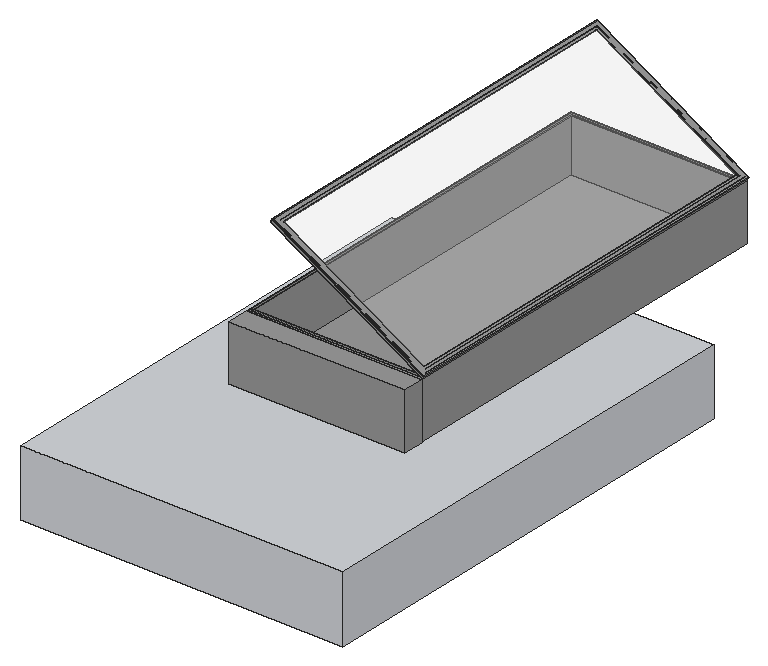
Revit family "Hager-Univers-IP55-D275-H1950-Cl.I-Steel_encl-CH-it", category Equipement électrique, Revit 2020
Family settings
  Hôte = Face
  Configuration du panneau = Deux colonnes, circuits au sein
  Cote de connecteur circulaire = Utiliser le diamètre
  Type d'élément = Tableau de raccordement
  Couper avec des vides une fois chargée = Non
  Partagée = Non
  Point de calcul de pièce = Non
Parameters (values of type "montaggio a pavimento IP55 L800 A1950 P275  - FR23K1")
  Width Control [instance] = if([EF000008 - Larghezza] > Min Width, [EF000008 - Larghezza], Min Width)  # 800 mm
  Commentaires du type = [HG000003 - Gamma]  # "Univers"
  Thickness Door [instance] = if([EF009171 - spessore materiale porta/coperchio] > 3 mm, 3 mm, [EF009171 - spessore materiale porta/coperchio])  # 1.5 mm
  Seal Frame Offset [instance] = 17 mm  # constant formula
  Plinth Visibility [instance] = [HG000027 - Altezza dello zoccolo] > 0 mm  # yes
  Model = ""
  Min Width [instance] = 100 mm  # constant formula
  Min Height [instance] = 100 mm  # constant formula
  Min Depth [instance] = (2 * [EF009170 - spessore materiale scatola]) + 1 mm  # 4 mm
  Internal Frame Depth [instance] = (Door System Depth * 0.5)  # 9 mm
  Height Control [instance] = if([EF000040 - Altezza] > Min Height, [EF000040 - Altezza], Min Height)  # 1950 mm
  HG000027 - Altezza dello zoccolo = 100 mm
  HG000026 - A pavimento = yes
  HG000024 - Altezza della sezione inferiore = 800 mm
  HG000023 - Custodia a doppia sezione = no
  HG000016 - Visibilità delle porte nella vista 3D [instance] = yes
  HG000015 - Visibilità attraverso la porta [instance] = no
  HG000014 - Porta destra [instance] = yes
  HG000013 - Porta sinistra [instance] = not([HG000014 - Porta destra])  # no
  HG000012 - Angolo di apertura della porta [instance] = 30.00°
  HG000010 - Porte asimmetriche = no
  HG000009 - Porta doppia a battente = no
  HG000006 - Ad incasso = no
  HG000004 - Codice produttore = "FR23K1"
  HG000003 - Gamma = "Univers"
  HG000002 - Con porta = yes
  Frame Offset Bottom [instance] = 10 mm  # constant formula
  Frame Offset [instance] = 15 mm  # constant formula
  EF015940 - Coprire con rilascio di sovrapressione = no
  EF011959 - tipo di protezione (NEMA) = ""
  EF009554 - numero delle aperture per la piastra della flangia = 6
  Fabricant = "Hager"  # constant formula
  EF009212 - esecuzione coperchio = "EV000116 - chiuso"
  EF009171 - spessore materiale porta/coperchio = 1.5 mm
  EF009170 - spessore materiale scatola = 1.5 mm
  EF008873 - corrente nominale (In) = 800 A
  EF007800 - adatto per parafulmine = no
  EF006306 - con serratura = no
  EF006244 - coperchio/porta trasparente = yes
  EF005474 - grado di protezione (IP) = "EV006420 - IP55"
  EF004464 - tipo di porta = "EV002646 - singolo"
  EF004427 - numero di moduli = 432
  EF004293 - resistenza agli urti = "EV008784 - IK10"
  EF003532 - adatto per uso esterno = no
  EF002950 - Numero moduli DIN = 24
  EF001613 - Integrità del circuito = "EV000494 - senza"
  EF001596 - Attacco Lampada = "EV000179 - acciaio"
  EF001131 - profondità interna = 275 mm
  EF001088 - possibilità di applicazione = yes
  EF000437 - numero di ingressi per conduttori = 6
  EF000339 - tipo di copertura = "EV004216 - porta"
  EF000266 - numero di file = 12
  EF000218 - profondità di incasso = 0 mm
  EF000118 - con piastra di montaggio = no
  EF000116 - numero RAL = "7035"
  EF000049 - profondità = 275 mm
  EF000040 - Altezza = 1950 mm
  EF000008 - Larghezza = 800 mm
  EF000007 - colore = "EV000270 - grigio"
  EF000003 - Tipo di montaggio = "EV012274 - montaggio a pavimento"
  Door System Leaf Tolerance [instance] = 1.5 mm  # constant formula
  Door System Depth [instance] = 18 mm  # constant formula
  Door Height [instance] = Height Control - [HG000027 - Altezza dello zoccolo]  # 1850 mm
  Depth Control [instance] = if([EF000049 - profondità] > Min Depth, [EF000049 - profondità], Min Depth)  # 275 mm
  Default Elevation = 0 mm
  Connector Offset [instance] = Height Control / 2  # 975 mm
  Bottom Top Plate Trim [instance] = 1.5 mm  # constant formula
  Plinth height Ctrl [instance] = if([HG000027 - Altezza dello zoccolo] > 0 mm, [HG000027 - Altezza dello zoccolo], 12 mm)  # 100 mm
Types (11, lengths in mm): name | Width Control | HG000010 - Porte asimmetriche | HG000009 - Porta doppia a battente | HG000004 - Codice produttore | EF009554 - numero delle aperture per la piastra della flangia | EF006244 - coperchio/porta trasparente | EF004464 - tipo di porta | EF004427 - numero di moduli | EF000437 - numero di ingressi per conduttori | EF000008 - Larghezza
  montaggio a pavimento IP55 L1050 A1950 P275  - FR24E1 | 1050 | yes | yes | "FR24E1" | 8 | no | "EV003602 - doppio" | 576 | 8 | 1050
  montaggio a pavimento IP55 L1050 A1950 P275  - FR24K1 | 1050 | yes | yes | "FR24K1" | 8 | yes | "EV003602 - doppio" | 576 | 8 | 1050
  montaggio a pavimento IP55 L1300 A1950 P275  - FR25E1 | 1300 | yes | yes | "FR25E1" | 10 | no | "EV003602 - doppio" | 720 | 10 | 1300
  montaggio a pavimento IP55 L1300 A1950 P275  - FR25K1 | 1300 | yes | yes | "FR25K1" | 10 | yes | "EV003602 - doppio" | 720 | 10 | 1300
  montaggio a pavimento IP55 L1550 A1950 P275  - FR26E1 | 1550 | yes | yes | "FR26E1" | 12 | no | "EV003602 - doppio" | 864 | 12 | 1550
  montaggio a pavimento IP55 L1550 A1950 P275  - FR26K1 | 1550 | yes | yes | "FR26K1" | 12 | yes | "EV003602 - doppio" | 864 | 12 | 1550
  montaggio a pavimento IP55 L300 A1950 P275  - FR21E1 | 300 | no | no | "FR21E1" | 2 | no | "EV002646 - singolo" | 144 | 2 | 300
  montaggio a pavimento IP55 L550 A1950 P275  - FR22E1 | 550 | no | no | "FR22E1" | 4 | no | "EV002646 - singolo" | 288 | 4 | 550
  montaggio a pavimento IP55 L550 A1950 P275  - FR22K1 | 550 | no | no | "FR22K1" | 4 | yes | "EV002646 - singolo" | 288 | 4 | 550
  montaggio a pavimento IP55 L800 A1950 P275  - FR23E1 | 800 | no | no | "FR23E1" | 6 | no | "EV002646 - singolo" | 432 | 6 | 800
  montaggio a pavimento IP55 L800 A1950 P275  - FR23K1 | 800 | no | no | "FR23K1" | 6 | yes | "EV002646 - singolo" | 432 | 6 | 800
Reference planes
  plane 1 "Center (Front/Back)": y = 0
  plane 2: z = 0
  plane 3 "Center (Left/Right)": x = 0
  plane 4: z = 275
  plane 5: y = 101.5
  plane 6: y = 1025
  plane 7: y = 100
  plane 8: y = 1950
  plane 9: z = 0
  plane 10: x = -385
  plane 11: x = 385
  plane 12: x = 383.5
  plane 13: x = -383.5
  plane 14: y = 1948.5
  plane 15: x = -383
  plane 16: x = -400
  plane 17: x = 383
  plane 18: x = 400
  plane 19: x = 398.5
  plane 20: x = -398.5
  plane 21: y = 111.5
  plane 22: y = 1950
  plane 23: y = 1933.5
  plane 24: z = 257
  plane 25: z = 1.5
  plane 26: z = 255.5
  plane 27: z = 273.5
Forms (mm)
  Extrusion 1, solid
    sketch origin (0, 0, 0) x (1, 0, 0) y (0, 1, 0)
      loop
        line (-702.964, 1305) -> (-702.964, -811.445) -> (766.763, -811.445) -> (766.763, 1305) -> (-702.964, 1305)
    from 0 to -304.8
  Extrusion 2, solid, material "Hager_Steel_RAL7035_Light_Grey", visible <- "Plinth Visibility", detail levels medium+fine
    sketch origin (0, 0, 0) x (1, 0, 0) y (0, 1, 0)
      loop
        line (-400, 0) -> (400, 0) -> (400, 100) -> (-400, 100) -> (-400, 0)
    from 0 to 257
  Extrusion 3, solid, material "Hager_Steel_RAL7035_Light_Grey", detail levels medium+fine
    sketch origin (0, 0, 0) x (1, 0, 0) y (0, 1, 0)
      loop
        line (-400, 100) -> (400, 100) -> (400, 1950) -> (-400, 1950) -> (-400, 100)
    from 0 to 257
  Extrusion 4, void
    sketch origin (0, 0, 0) x (1, 0, 0) y (0, 1, 0)
      loop
        line (-398.5, 101.5) -> (398.5, 101.5) -> (398.5, 1948.5) -> (-398.5, 1948.5) -> (-398.5, 101.5)
    from 1.5 to 255.5
  Extrusion 5, void
    sketch origin (-381.607, -4572, 257) x (0, -1, 0) y (-1, 0, 0)
      loop
        line (-4683.5, 1.893) -> (-6505.5, 1.893) -> (-6505.5, -765.107) -> (-4683.5, -765.107) -> (-4683.5, 1.893)
    from 0 to 1.5 <- "EF009170 - spessore materiale scatola"
  Extrusion 6, solid, material "Hager_Steel_RAL7035_Light_Grey", detail levels fine
    sketch origin (0, 0, 257) x (1, 0, 0) y (0, 1, 0)
      loop
        line (-383.5, 1933.5) -> (-383.5, 111.5) -> (383.5, 111.5) -> (383.5, 1933.5) -> (-383.5, 1933.5)
      loop
        line (-385, 110) -> (385, 110) -> (385, 1935) -> (-385, 1935) -> (-385, 110)
    from 0 to 9 <- "Internal Frame Depth"
  Extrusion 7, solid, material "Hager_Steel_RAL7035_Light_Grey", detail levels coarse
    sketch origin (0, 0, 0) x (1, 0, 0) y (0, 1, 0)
      loop
        line (-400, 0) -> (400, 0) -> (400, 1950) -> (-400, 1950) -> (-400, 0)
    from 0 to 275
  Sweep 8, void
    path in 3D
      loop
        line (-400, 100, 0) -> (400, 100, 0) -> (400, 100, 257) -> (-400, 100, 257) -> (-400, 100, 0)
    profile origin (-400, 100, 128.5) x (-1, 0, 0) y (0, -1, 0)
      loop
        line (0, 0) -> (0, 1.5) -> (-1.5, 1.5)
        arc (-1.5, 1.5) -> (-1.061, 0.439) -> (0, 0) r 1.5
Cuts and joins
  Extrusion 4, Extrusion 5 cuts Extrusion 3
  Sweep 8 cuts Extrusion 2
Lines and regions (mm)
  Masking region 1
    outline origin (0, 0, 0) x (1, 0, 0) y (0, 0, 1)
      loop
        line (-400, 275) -> (-400, 0) -> (400, 0) -> (400, 275) -> (-400, 275)
  Masking region 2, detail levels medium+fine
    outline origin (0, 140, 0) x (0, 1, 0) y (0, 0, 1)
      loop
        line (-40, 0) -> (1810, 0) -> (1810, 257) -> (-40, 257) -> (-40, 0)
  Masking region 3, not visible, detail levels medium+fine
    outline origin (0, 297.922, 0) x (0, 1, 0) y (0, 0, 1)
      loop
        line (738.578, 0) -> (778.578, 0) -> (778.578, 263.5)
        arc (778.578, 263.5) -> (775.649, 270.571) -> (768.578, 273.5) r 10
        line (768.578, 273.5) -> (738.578, 273.5) -> (738.578, 0)
  Masking region 4, detail levels coarse
    outline origin (0, 0, 180) x (0, 1, 0) y (0, 0, 1)
      loop
        line (0, -180) -> (1950, -180) -> (1950, 95) -> (0, 95) -> (0, -180)
  Masking region 5, visible <- "Plinth Visibility", detail levels medium+fine
    outline origin (0, 52.24, 12.345) x (0, 0, -1) y (0, 1, 0)
      loop
        line (10.845, 47.76) -> (-243.155, 47.76)
        arc (-243.155, 47.76) -> (-243.594, 46.699) -> (-244.655, 46.26) r 1.5
        line (-244.655, 46.26) -> (-244.655, -52.24) -> (12.345, -52.24) -> (12.345, 46.26)
        arc (12.345, 46.26) -> (11.285, 46.699) -> (10.845, 47.76) r 1.5
  Masking region 6, detail levels medium+fine
    outline origin (-381.607, -4572, 257) x (-1, 0, 0) y (0, -1, 0)
      loop
        line (18.393, -6522) -> (18.393, -4672) -> (-781.607, -4672) -> (-781.607, -6522) -> (18.393, -6522)
  Masking region 7, visible <- "Plinth Visibility", detail levels medium+fine
    outline origin (-381.607, -4727, 257) x (-1, 0, 0) y (0, -1, 0)
      loop
        arc (16.893, -4827) -> (17.332, -4825.939) -> (18.393, -4825.5) r 1.5
        line (18.393, -4825.5) -> (18.393, -4727) -> (-781.607, -4727) -> (-781.607, -4825.5)
        arc (-781.607, -4825.5) -> (-780.546, -4825.939) -> (-780.107, -4827) r 1.5
        line (-780.107, -4827) -> (16.893, -4827)
  Masking region 8, detail levels coarse
    outline origin (-442.548, -4669.526, 257) x (-1, 0, 0) y (0, -1, 0)
      loop
        line (-42.548, -6619.526) -> (-42.548, -4669.526) -> (-842.548, -4669.526) -> (-842.548, -6619.526) -> (-42.548, -6619.526)
  sketch lines
    curve 1: line (-400, 100, 257) -> (-400, 100, 0)
    curve 2: line (400, 100, 257) -> (-400, 100, 257)
    curve 3: line (400, 100, 257) -> (400, 100, 0)
    curve 4: line (-400, 100, 0) -> (400, 100, 0)
Dimensions and locks
  "Depth Control": plane 4 to Extrusion 1
  "HG000027 - Altezza dello zoccolo": plane 1 "Center (Front/Back)" to plane 7
  "EF009170 - spessore materiale scatola": plane 5 to plane 7
  locked: connector elem to plane 3 "Center (Left/Right)"
  equal spacing: plane 8, plane 6, plane 7
  locked: connector elem to plane 6
  "EF009170 - spessore materiale scatola": plane 8 to plane 14
  "EF009170 - spessore materiale scatola": plane 10 to plane 13
  "EF009170 - spessore materiale scatola": plane 12 to plane 11
  "Frame Offset": plane 20 to plane 13
  "Frame Offset": plane 12 to plane 19
  "EF009170 - spessore materiale scatola": plane 16 to plane 20
  "EF009170 - spessore materiale scatola": plane 19 to plane 18
  "Seal Frame Offset": plane 16 to plane 15
  "Seal Frame Offset": plane 17 to plane 18
  "Frame Offset Bottom": plane 21 to plane 5
  "Frame Offset": plane 14 to plane 23
  equal spacing: plane 16, plane 3 "Center (Left/Right)", plane 18
  "Width Control": plane 16 to plane 18
  "EF009170 - spessore materiale scatola": plane 4 to plane 27
  "EF009170 - spessore materiale scatola": plane 24 to plane 26
  "EF009170 - spessore materiale scatola": plane 25 to level
  "Door System Depth": plane 4 to plane 24
  "Height Control": plane 1 "Center (Front/Back)" to Extrusion 7 sketch curve
  "Height Control": Masking region 4 sketch curve to plane 1 "Center (Front/Back)"
  "Height Control": plane 1 "Center (Front/Back)" to plane 22
  "Bottom Top Plate Trim": profile plane to Sweep 8 sketch curve
  "Bottom Top Plate Trim": Sweep 8 sketch curve to profile plane
  "Plinth height Ctrl": plane 1 "Center (Front/Back)" to Extrusion 2 sketch curve
  "Plinth height Ctrl": Masking region 5 sketch curve to plane 1 "Center (Front/Back)"
  "Plinth height Ctrl": plane 1 "Center (Front/Back)" to Masking region 7 sketch curve
  "Thickness Door": Extrusion 6 sketch curve to Extrusion 6 sketch curve  (x3)
  "Thickness Door": cut or joined group of Extrusion 3, Extrusion 4, Extrusion 5 to Extrusion 6 sketch curve
  radius of Masking region 3 sketch curve = 10 mm
  "Bottom Top Plate Trim": radius of Masking region 5 sketch curve  (x2)
  "Bottom Top Plate Trim": radius of Sweep 8 sketch curve
  "Bottom Top Plate Trim": radius of Masking region 7 sketch curve  (x2)
  aligned and locked: plane 2 to Extrusion 1
  aligned and locked: level to Extrusion 1
  aligned and locked: level to Masking region 1 sketch curve
  aligned and locked: Masking region 1 sketch curve to plane 18
  aligned and locked: Masking region 1 sketch curve to plane 16
  aligned and locked: plane 7 to Masking region 2 sketch curve
  aligned and locked: level to Masking region 3 sketch curve
  aligned and locked: Masking region 3 sketch curve to plane 27
  aligned and locked: level to Masking region 2 sketch curve
  aligned and locked: plane 1 "Center (Front/Back)" to Extrusion 2 sketch curve
  aligned and locked: Extrusion 3 sketch curve to plane 7
  aligned and locked: plane 16 to Extrusion 3 sketch curve
  aligned and locked: plane 18 to Extrusion 3 sketch curve
  aligned and locked: plane 20 to Extrusion 4 sketch curve
  aligned and locked: plane 19 to Extrusion 4 sketch curve
  aligned and locked: Extrusion 4 sketch curve to plane 5
  aligned and locked: Extrusion 4 to plane 25
  aligned and locked: plane 26 to Extrusion 4
  aligned and locked: plane 24 to Extrusion 3
  aligned and locked: Extrusion 5 sketch curve to plane 21
  aligned and locked: Extrusion 5 sketch curve to plane 13
  aligned and locked: Extrusion 5 sketch curve to plane 12
  aligned and locked: plane 18 to Extrusion 7 sketch curve
  aligned and locked: plane 1 "Center (Front/Back)" to Extrusion 7 sketch curve
  aligned and locked: plane 16 to Extrusion 7 sketch curve
  aligned and locked: plane 4 to Extrusion 7
  aligned and locked: Extrusion 7 to level
  aligned and locked: level to Masking region 4 sketch curve
  aligned and locked: Masking region 4 sketch curve to plane 1 "Center (Front/Back)"
  aligned and locked: Masking region 4 sketch curve to plane 4
  aligned and locked: nested 1 to level
  aligned and locked: nested 1 to plane 16
  aligned and locked: plane 8 to Extrusion 3 sketch curve
  aligned and locked: plane 23 to Extrusion 5 sketch curve
  aligned and locked: plane 14 to Extrusion 4 sketch curve
  aligned and locked: Masking region 2 sketch curve to plane 8
  aligned and locked: level to Masking region 5 sketch curve
  aligned and locked: plane 16 to Extrusion 2 sketch curve
  aligned and locked: plane 18 to Extrusion 2 sketch curve
  aligned and locked: Masking region 5 sketch curve to plane 24
  aligned and locked: Masking region 2 sketch curve to plane 24
  aligned and locked: plane 24 to Extrusion 2
  aligned and locked: profile plane to Sweep 8 sketch curve  (x2)
  aligned and locked: Masking region 6 sketch curve to plane 18
  aligned and locked: Masking region 6 sketch curve to plane 22
  aligned and locked: Masking region 6 sketch curve to plane 16
  aligned and locked: plane 8 to plane 22
  aligned and locked: Masking region 6 sketch curve to plane 7
  aligned and locked: Masking region 7 sketch curve to plane 16
  aligned and locked: Masking region 7 sketch curve to plane 1 "Center (Front/Back)"
  aligned and locked: Masking region 7 sketch curve to plane 18
  aligned and locked: Masking region 8 sketch curve to plane 1 "Center (Front/Back)"
  aligned and locked: Masking region 8 sketch curve to plane 18
  aligned and locked: Masking region 8 sketch curve to plane 22
  aligned and locked: Masking region 8 sketch curve to plane 16
  aligned and locked: nested 2 to plane 7
  aligned and locked: plane 3 "Center (Left/Right)" to nested 2
  aligned and locked: nested 2 to plane 24
  aligned and locked: Extrusion 6 sketch curve to cut or joined group of Extrusion 3, Extrusion 4, Extrusion 5  (x4)
Automatic sketch dimensions
  Extrusion 1 sketch curve to Extrusion 1 sketch curve = 1469.727 mm
  Extrusion 1 sketch curve to Extrusion 1 sketch curve = 2116.445 mm
  Masking region 1 sketch curve to plane 4 = 0 mm
  plane 6 to Masking region 3 sketch curve = 11.5 mm
  Masking region 3 sketch curve to Masking region 3 sketch curve = 30 mm
  Masking region 5 sketch curve to plane 1 "Center (Front/Back)" = 0 mm
Nested families
  nested 1: "Hager_Enclosure_Symbol" at (-400, 0, 0) x (1, 0, 0) z (0, -1, 0), Height <- "Depth Control", Width <- "Width Control", type "Hager_Enclosure_Symbol"
    with Width_Ctrl 800 mm, Width 800 mm, Height_Ctrl 275 mm, Height 275 mm, A_Width_Int 18.047 mm, A_Width 216.562 mm, A_Height_Ctrl 240.625 mm, A_Height 240.625 mm
  nested 2: "EC000058_Univers_Door" at (0, 100, 257) x (1, 0, 0) z (0, 1, 0), Leaf_Tolerance <- "Door System Leaf Tolerance", Angle <- "HG000012 - Angolo di apertura della porta", Door_Depth <- "Door System Depth", Door_Left <- "HG000013 - Porta sinistra", Transparent <- "EF006244 - coperchio/porta trasparente", Assymetrical <- "HG000010 - Porte asimmetriche", Width <- "Width Control", Clearance <- "HG000015 - Visibilità attraverso la porta", Double <- "HG000009 - Porta doppia a battente", 3d_Door <- "HG000016 - Visibilità delle porte nella vista 3D", Lock_Visibility <- "EF006306 - con serratura", Width_Ctrl <- "Width Control", Door_Right <- "HG000014 - Porta destra", Door <- "HG000002 - Con porta", Height <- "Door Height", Thickness <- "Thickness Door", type "EC000058_Univers_Door", detail levels medium+fine
    with min_wh 4 mm, Width_Ctrl 800 mm, Width 800 mm, Transparent yes, Thickness 1.5 mm, Seal_Material Hager_Rubber, Lock_Visibility no, Lock_Material Hager_Plastic_RAL9005_Jet_Black, Leaf_Width 800 mm, Leaf_Tolerance_External_Sides 0 mm, Leaf_Tolerance 1.5 mm, Leaf_Offset 0 mm, Leaf_Height 1847 mm, Leaf_2_Width 800 mm, Leaf_2_Offset 400 mm, Leaf_1_Width 800 mm, Leaf_1_Offset 400 mm, Height_Ctrl 1850 mm, Height 1850 mm, Glass_Material Hager_Glass, Double_Clearance_Ctrl no, Double no, Door_Right_Ctrl yes, Door_Right yes, Door_Material Hager_Steel_RAL7035_Light_Grey, Door_Left_Ctrl no, Door_Left no, Door_Depth 18 mm, Door yes, Clearance_Material Hager_Clearance, Clearance_Depth 800 mm, Clearance_Ctrl no, Clearance no, Assymetrical no, Angle 30.00°, 3d_Door yes
Connectors
  electrical at (0, 1025, 0)
    settings: on plane 9, index 1, voltage 0 V, apparent load 0 VA, apparent load phase1 0 VA, apparent load phase2 0 VA, apparent load phase3 0 VA, power factor 1, load classification "Other", number of poles 1, system type 30, power factor state 1, is connector primary yes, connector utility no, sub classification motor no, connector description ""
Definition of nested family "EC000058_Univers_Door"
  Parameters (values of type "EC000058_Univers_Door")
    min_wh [instance] = (2 * Thickness) + 1 mm  # 11 mm
    Width_Ctrl [instance] = 400 mm
    Width [instance] = 500 mm
    Transparent [instance] = yes
    Thickness [instance] = 5 mm
    Seal_Material [instance] = none
    Lock_Visibility [instance] = yes
    Lock_Material [instance] = none
    Leaf_Width [instance] = if((Width_Ctrl - 2 * Leaf_Tolerance_External_Sides) > 0 mm, (Width_Ctrl - 2 * Leaf_Tolerance_External_Sides), min_wh)  # 400 mm
    Leaf_Tolerance_External_Sides [instance] = 0 mm  # constant formula
    Leaf_Tolerance [instance] = 1.5 mm
    Leaf_Offset [instance] = 0 mm  # constant formula
    Leaf_Height [instance] = if((Height_Ctrl - 2 * Leaf_Tolerance) > 0 mm, (Height_Ctrl - 2 * Leaf_Tolerance), min_wh)  # 497 mm
    Leaf_2_Width [instance] = if(and(and(Double, Assymetrical), Door_Left), (Leaf_Width / 3) - (Leaf_Tolerance / 2), if(and(and(Double, Assymetrical), Door_Right), (Leaf_Width / 3) * 2 - (Leaf_Tolerance / 2), if(and(Double, not(Assymetrical)), (Leaf_Width / 2) - Leaf_Tolerance, Leaf_Width)))  # 400 mm
    Leaf_2_Offset [instance] = if(and(Double, Assymetrical), Leaf_2_Width / 2, if(and(Double, not(Assymetrical)), Leaf_Width / 4, Leaf_Width / 2))  # 200 mm
    Leaf_1_Width [instance] = if(and(and(Double, Assymetrical), Door_Right), (Leaf_Width / 3) - (Leaf_Tolerance / 2), if(and(and(Double, Assymetrical), Door_Left), (Width / 3) * 2 - (Leaf_Tolerance / 2), if(and(Double, not(Assymetrical)), (Leaf_Width / 2) - Leaf_Tolerance, Leaf_Width)))  # 400 mm
    Leaf_1_Offset [instance] = if(and(Double, Assymetrical), Leaf_1_Width / 2, if(and(Double, not(Assymetrical)), Leaf_Width / 4, Leaf_Width / 2))  # 200 mm
    Height_Ctrl [instance] = if(Height > min_wh, Height, min_wh)  # 500 mm
    Height [instance] = 500 mm
    Glass_Material [instance] = none
    Double_Clearance_Ctrl [instance] = and(Double, Clearance)  # no
    Double [instance] = no
    Door_Right_Ctrl [instance] = and(or(Door_Right, Double), Door)  # yes
    Door_Right [instance] = yes
    Door_Material [instance] = none
    Door_Left_Ctrl [instance] = and(or(Door_Left, Double), Door)  # no
    Door_Left [instance] = no
    Door_Depth [instance] = 30 mm
    Door [instance] = yes
    Default Elevation = 1219.2 mm
    Clearance_Material [instance] = none
    Clearance_Depth [instance] = if(Leaf_1_Width > Leaf_2_Width, Leaf_1_Width, Leaf_2_Width)  # 400 mm
    Clearance_Ctrl [instance] = and(not(Double), Clearance)  # yes
    Clearance [instance] = yes
    Assymetrical [instance] = yes
    Angle [instance] = 30.00°
    3d_Door [instance] = yes
  Reference planes
    plane 1 "Center (Front/Back)": y = 0
    plane 2 "Bottom": z = 0
    plane 3 "Center (Left/Right)": x = 0
    plane 4: z = 500
    plane 5: x = -200
    plane 6: x = 200
    plane 7: z = 500
    plane 8: x = -200
    plane 9: z = 0
    plane 10: x = 200
    plane 11: y = 0
    plane 12: z = 1.5
    plane 13: x = -600
    plane 14: y = -400
    plane 15: x = 600
    plane 16: x = 0
    plane 17: x = 0
    plane 18: x = -200
    plane 19: x = 200
    plane 20: z = 498.5
  Forms (mm)
    Extrusion 1, solid, material <- "Clearance_Material", visible <- "Double_Clearance_Ctrl"
      sketch origin (1200, 0, 0) x (1, 0, 0) y (0, 0, -1)
        loop
          line (-1800, -498.5) -> (-600, -498.5) -> (-600, 0) -> (-1800, 0) -> (-1800, -498.5)
      from 0 to -400
  Dimensions and locks
    equal spacing: plane 5, plane 3 "Center (Left/Right)", plane 6
    "Width_Ctrl": plane 5 to plane 6
    "Leaf_Offset": plane 5 to plane 8
    "Leaf_Offset": plane 6 to plane 10
    "Leaf_Offset": plane 9 to level
    "Leaf_Offset": plane 4 to plane 7
    "Height_Ctrl": plane 4 to level
    "Leaf_Tolerance": plane 12 to plane 9
    locked: plane 11 to plane 1 "Center (Front/Back)"
    "Leaf_1_Offset": plane 18 to plane 16
    "Leaf_2_Offset": plane 17 to plane 19
    "Leaf_1_Width": plane 13 to plane 8
    "Leaf_2_Width": plane 10 to plane 15
    "Clearance_Depth": plane 14 to plane 1 "Center (Front/Back)"
    "Leaf_Tolerance_External_Sides": plane 8 to plane 18
    "Leaf_Tolerance_External_Sides": plane 19 to plane 10
    "Leaf_Tolerance": plane 7 to plane 20
    aligned and locked: level to plane 2 "Bottom"
    aligned and locked: nested 1 to plane 16
    aligned and locked: nested 2 to plane 17
    aligned and locked: Extrusion 1 to plane 13
    aligned and locked: plane 15 to Extrusion 1
    aligned and locked: Extrusion 1 to plane 14
    aligned and locked: plane 12 to nested 1
    aligned and locked: nested 2 to plane 12
    aligned and locked: Extrusion 1 to plane 11
    aligned and locked: plane 20 to Extrusion 1
    aligned and locked: nested 2 to plane 11
    aligned and locked: nested 1 to plane 11
  Automatic sketch dimensions
    Extrusion 1 sketch curve to level = 0 mm
    plane 5 to Extrusion 1 sketch curve = 400 mm
    plane 6 to Extrusion 1 sketch curve = 400 mm
    Extrusion 1 sketch curve to plane 4 = 1.5 mm
  Nested families
    nested 1: "EC000058_Univers_Door_Leaf" at (0, 0, 1.5), Width <- "Leaf_1_Width", visible <- "Door_Left_Ctrl", Leaf_Height <- "Leaf_Height", Angle <- "Angle", 3d_Door <- "3d_Door", Transparent <- "Transparent", Clearance Material <- "Clearance_Material", Clearance <- "Clearance_Ctrl", Door_Material <- "Door_Material", Glass_Material <- "Glass_Material", Door_Depth <- "Door_Depth", Lock_Material <- "Lock_Material", Seal_Material <- "Seal_Material", Lock_Visibility <- "Lock_Visibility", Thickness <- "Thickness", type "EC000058_Univers_Door_Leaf"
      with Width 400 mm, Transparent_Glass_Offset 30 mm, Transparent_Ctrl yes, Transparent yes, Thickness 5 mm, Standard no, Seal_Material none, Seal_D2 8 mm, Seal_D1 1 mm, Offset_Internal_Frame 10 mm, Lock_Width 20 mm, Lock_Visibility_3d yes, Lock_Visibility yes, Lock_Thickness_3 3 mm, Lock_Thickness_2 1 mm, Lock_Thickness_1 3 mm, Lock_Radius_Offset_2 16 mm, Lock_Radius_Offset_1 15 mm, Lock_Radius_2 5 mm, Lock_Radius 6 mm, Lock_Offset 5 mm, Lock_Material none, Lock_Height 80 mm, Lock_Cover_Top_Offset_2d 17 mm, Lock_Cover_Height -65 mm, Leaf_Height 497 mm, Internal_Seal_Thickness 8 mm, Internal_Seal_Depth_2 4.5 mm, Internal_Frame_Depth 25 mm, Glass_Thickness -1 mm, Glass_Offset -2 mm, Glass_Material none, Door_Material none, Door_Depth 30 mm, Clearance Material none, Clearance yes, Angle_Ctrl 30.00°, Angle 30.00°, 3d_Door yes
    nested 2: "EC000058_Univers_Door_Leaf" at (0, 0, 1.5) x (-1, 0, 0) z (0, 0, 1), Width <- "Leaf_2_Width", visible <- "Door_Right_Ctrl", Leaf_Height <- "Leaf_Height", Angle <- "Angle", 3d_Door <- "3d_Door", Transparent <- "Transparent", Clearance Material <- "Clearance_Material", Clearance <- "Clearance_Ctrl", Door_Material <- "Door_Material", Glass_Material <- "Glass_Material", Door_Depth <- "Door_Depth", Lock_Material <- "Lock_Material", Seal_Material <- "Seal_Material", Lock_Visibility <- "Lock_Visibility", Thickness <- "Thickness", type "EC000058_Univers_Door_Leaf"
      with Width 400 mm, Transparent_Glass_Offset 30 mm, Transparent_Ctrl yes, Transparent yes, Thickness 5 mm, Standard no, Seal_Material none, Seal_D2 8 mm, Seal_D1 1 mm, Offset_Internal_Frame 10 mm, Lock_Width 20 mm, Lock_Visibility_3d yes, Lock_Visibility yes, Lock_Thickness_3 3 mm, Lock_Thickness_2 1 mm, Lock_Thickness_1 3 mm, Lock_Radius_Offset_2 16 mm, Lock_Radius_Offset_1 15 mm, Lock_Radius_2 5 mm, Lock_Radius 6 mm, Lock_Offset 5 mm, Lock_Material none, Lock_Height 80 mm, Lock_Cover_Top_Offset_2d 17 mm, Lock_Cover_Height -65 mm, Leaf_Height 497 mm, Internal_Seal_Thickness 8 mm, Internal_Seal_Depth_2 4.5 mm, Internal_Frame_Depth 25 mm, Glass_Thickness -1 mm, Glass_Offset -2 mm, Glass_Material none, Door_Material none, Door_Depth 30 mm, Clearance Material none, Clearance yes, Angle_Ctrl 30.00°, Angle 30.00°, 3d_Door yes
  Definition of nested family "EC000058_Univers_Door_Leaf"
    Parameters (values of type "EC000058_Univers_Door_Leaf")
      Width [instance] = 2000 mm
      Transparent_Glass_Offset [instance] = 30 mm
      Transparent_Ctrl [instance] = and(Transparent, [3d_Door])  # yes
      Transparent [instance] = yes
      Thickness [instance] = 5 mm
      Standard [instance] = and(not(Transparent), [3d_Door])  # no
      Seal_Material [instance] = none
      Seal_D2 [instance] = 8 mm  # constant formula
      Seal_D1 [instance] = 1 mm  # constant formula
      Offset_Internal_Frame [instance] = 10 mm  # constant formula
      Lock_Width [instance] = 20 mm  # constant formula
      Lock_Visibility_3d [instance] = and(Lock_Visibility, [3d_Door])  # yes
      Lock_Visibility [instance] = yes
      Lock_Thickness_3 [instance] = 3 mm  # constant formula
      Lock_Thickness_2 [instance] = 1 mm  # constant formula
      Lock_Thickness_1 [instance] = 3 mm  # constant formula
      Lock_Radius_Offset_2 [instance] = Lock_Radius_Offset_1 + 1 mm  # 16 mm
      Lock_Radius_Offset_1 [instance] = 15 mm  # constant formula
      Lock_Radius_2 [instance] = Lock_Radius - 1 mm  # 5 mm
      Lock_Radius [instance] = 6 mm  # constant formula
      Lock_Offset [instance] = 5 mm  # constant formula
      Lock_Material [instance] = none
      Lock_Height [instance] = 80 mm  # constant formula
      Lock_Cover_Top_Offset_2d [instance] = Lock_Radius_Offset_2 + 1 mm  # 17 mm
      Lock_Cover_Height [instance] = -(Lock_Height - Lock_Radius_Offset_1)  # -65 mm
      Leaf_Height [instance] = 2720.336 mm
      Internal_Seal_Thickness [instance] = 8 mm  # constant formula
      Internal_Seal_Depth_2 [instance] = 4.5 mm  # constant formula
      Internal_Frame_Depth [instance] = if(Door_Depth - Thickness > 5 mm, Door_Depth - Thickness, 5 mm)  # 25 mm
      Glass_Thickness [instance] = if(Thickness > 15 mm, Glass_Offset + 10 mm, -1 mm)  # -1 mm
      Glass_Offset [instance] = if(Thickness > 15 mm, -(Thickness + 10 mm) / 2, -2 mm)  # -2 mm
      Glass_Material [instance] = none
      Door_Material [instance] = none
      Door_Depth [instance] = 30 mm
      Default Elevation = 0 mm
      Clearance Material [instance] = none
      Clearance [instance] = yes
      Angle_Ctrl [instance] = if(Angle > 180.00°, 180.00°, Angle)  # 90.00°
      Angle [instance] = 90.00°
      3d_Door [instance] = yes
    Reference planes
      plane 1 "Center (Front/Back)": y = 0
      plane 2: z = 0
      plane 3 "Center (Left/Right)": x = 0
      plane 4: y = 2000
      plane 5: x = -1000
      plane 6: x = 1000
      plane 7: x = -3000
      plane 8: z = 2720.336
      plane 9: z = 30
      plane 10: z = 2690.336
      plane 11: x = 970
      plane 12: x = -970
      plane 13: y = -3
      plane 14: z = 107.833
      plane 15: y = -5
      plane 16: y = -223.314
      plane 17: x = -1000
      plane 18: z = 1360.168
      plane 19: y = 30
    Forms (mm)
      Extrusion 1, solid, material <- "Clearance Material", visible <- "Clearance"
        sketch origin (0, 0, 0) x (1, 0, 0) y (0, 0, 1)
          loop
            line (-3000, 2720.336) -> (-3000, 0) -> (1000, 0) -> (1000, 2720.336) -> (-3000, 2720.336)
        from 0 to -2000
      Extrusion 2, solid, material <- "Door_Material", visible <- "Standard", detail levels medium+fine
        sketch origin (-1000, 0, 0) x (0, 1, 0) y (-1, 0, 0)
          loop
            line (0, 30) -> (0, 25) -> (2000, 25) -> (2000, 30) -> (0, 30)
        from 0 to 2720.336 <- "Leaf_Height"
      Extrusion 3, solid, material <- "Door_Material", visible <- "Transparent_Ctrl", detail levels medium+fine
        sketch origin (-1000, 0, 0) x (0, 1, 0) y (-1, 0, 0)
          loop
            line (0, 25) -> (2000, 25) -> (2000, 30) -> (0, 30) -> (0, 25)
        from 0 to 2720.336 <- "Leaf_Height"
      Extrusion 4, void
        sketch origin (-1025, 2000, 0) x (0, 1, 0) y (0, 0, -1)
          loop
            line (-30, -2690.336) -> (-30, -30) -> (-1970, -30) -> (-1970, -2690.336) -> (-30, -2690.336)
        from 0 to 5 <- "Thickness"
      Sweep 5, solid, material <- "Seal_Material", visible <- "Transparent_Ctrl", detail levels fine
        path in 3D
          loop
            line (-1025, 30, 30) -> (-1025, 30, 2690.336) -> (-1025, 1970, 2690.336) -> (-1025, 1970, 30) -> (-1025, 30, 30)
        profile origin (-1025, 1000, 30) x (1, 0, 0) y (0, 0, 1)
          loop
            line (0, 0) -> (0, -8) -> (1, -8) -> (1, 0) -> (0, 0)
      Extrusion 6, solid, material <- "Glass_Material", visible <- "Transparent_Ctrl", detail levels medium+fine
        sketch origin (-1030, 0, 0) x (0, 1, 0) y (0, 0, -1)
          loop
            line (1970, -2690.336) -> (1970, -30) -> (30, -30) -> (30, -2690.336) -> (1970, -2690.336)
        from -2 <- "Glass_Offset" to -1 <- "Glass_Thickness"
      Extrusion 7, solid, material <- "Door_Material", visible <- "3d_Door", detail levels medium+fine
        sketch origin (-1025, 2000, 0) x (0, -1, 0) y (0, 0, -1)
          loop
            line (0, -2720.336) -> (2000, -2720.336) -> (2000, 0) -> (0, 0) -> (0, -2720.336)
          loop
            line (1995, -5) -> (5, -5) -> (5, -2715.336) -> (1995, -2715.336) -> (1995, -5)
        from 0 to 25 <- "Internal_Frame_Depth"
      Sweep 8, solid, material <- "Seal_Material", visible <- "Transparent_Ctrl", detail levels fine
        path in 3D
          loop
            line (-1025, 0, 0) -> (-1025, 2000, 0) -> (-1025, 2000, 2720.336) -> (-1025, 0, 2720.336) -> (-1025, 0, 0)
        profile origin (-1025, 0, 1360.168) x (1, 0, 0) y (0, 1, 0)
          loop
            line (0, 10) -> (2.975, 10)
            arc (2.975, 10) -> (4.053, 10.447) -> (4.5, 11.525) r 1.525
            line (4.5, 11.525) -> (4.5, 16.527)
            arc (4.5, 16.527) -> (4.069, 17.569) -> (3.027, 18) r 1.473
            line (3.027, 18) -> (0, 18) -> (0, 10)
      Extrusion 9, solid, material <- "Lock_Material", visible <- "Lock_Visibility_3d", detail levels fine
        sketch origin (-1030, 0, 0) x (0, 1, 0) y (0, 0, -1)
          loop
            arc (1993.5, -1400.168) -> (1994.561, -1399.729) -> (1995, -1398.668) r 1.5
            line (1995, -1398.668) -> (1995, -1320.168) -> (1975, -1320.168) -> (1975, -1398.668)
            arc (1975, -1398.668) -> (1975.439, -1399.729) -> (1976.5, -1400.168) r 1.5
            line (1976.5, -1400.168) -> (1993.5, -1400.168)
        from 3 <- "Lock_Thickness_1" to 0
      Blend 10, solid, material <- "Lock_Material", visible <- "Lock_Visibility_3d", detail levels fine
        base sketch origin (-1033, 0, 0) x (0, 1, 0) y (0, 0, -1)
          loop
            line (1975, -1320.168) -> (1975, -1398.668)
            arc (1975, -1398.668) -> (1975.439, -1399.729) -> (1976.5, -1400.168) r 1.5
            line (1976.5, -1400.168) -> (1993.5, -1400.168)
            arc (1993.5, -1400.168) -> (1994.561, -1399.729) -> (1995, -1398.668) r 1.5
            line (1995, -1398.668) -> (1995, -1320.168) -> (1975, -1320.168)
        top sketch origin (-1033, 0, 0) x (0, 1, 0) y (0, 0, -1)
          loop
            line (1976, -1320.168) -> (1976, -1398.668)
            arc (1976, -1398.668) -> (1976.146, -1399.022) -> (1976.5, -1399.168) r 0.5
            line (1976.5, -1399.168) -> (1993.5, -1399.168)
            arc (1993.5, -1399.168) -> (1993.854, -1399.022) -> (1994, -1398.668) r 0.5
            line (1994, -1398.668) -> (1994, -1320.168) -> (1976, -1320.168)
        from 0 to 1 <- "Lock_Thickness_2"
      Blend 11, solid, material <- "Lock_Material", visible <- "Lock_Visibility_3d", detail levels fine
        base sketch origin (-1034, 0, 0) x (0, 1, 0) y (0, 0, -1)
          loop
            line (1978, -1320.168) -> (1978, -1384.168)
            arc (1978, -1384.168) -> (1985, -1391.168) -> (1992, -1384.168) r 7
            line (1992, -1384.168) -> (1992, -1320.168) -> (1978, -1320.168)
        top sketch origin (-1034, 0, 0) x (0, 1, 0) y (0, 0, -1)
          loop
            line (1991, -1320.168) -> (1979, -1320.168) -> (1979, -1383.168)
            arc (1979, -1383.168) -> (1985, -1389.168) -> (1991, -1383.168) r 6
            line (1991, -1383.168) -> (1991, -1320.168)
        from 0 to 3 <- "Lock_Thickness_3"
      Extrusion 12, solid, material <- "Lock_Material", visible <- "Lock_Visibility_3d", detail levels fine
        sketch origin (-1030, 1975, 1320.168) x (1, 0, 0) y (0, -1, 0)
          loop
            line (-7, -19) -> (-7, -1) -> (0, -1) -> (0, 0) -> (-8, 0) -> (-8, -20) -> (0, -20) -> (0, -19) -> (-7, -19)
        from 0 to -65 <- "Lock_Cover_Height"
      Extrusion 13, void
        sketch origin (-1038, 1995, 1320.168) x (-1, 0, 0) y (0, 0, -1)
          loop
            line (-5, -65) -> (0, -65) -> (-5, -60) -> (-5, -65)
        from 0 to 20 <- "Lock_Width"
      Extrusion 14, void
        sketch origin (-1038, 1975, 1320.168) x (0, -1, 0) y (0, 0, -1)
          loop
            circle (-10, -15.995) r 6
          loop
            circle (-10, -15.995) r 5
        from 0 to 2
      Extrusion 15, solid, material <- "Lock_Material", visible <- "Lock_Visibility_3d", detail levels medium
        sketch origin (-1030, 0, 0) x (0, 1, 0) y (0, 0, -1)
          loop
            arc (1993.5, -1400.168) -> (1994.561, -1399.729) -> (1995, -1398.668) r 1.5
            line (1995, -1398.668) -> (1995, -1320.168) -> (1975, -1320.168) -> (1975, -1398.668)
            arc (1975, -1398.668) -> (1975.439, -1399.729) -> (1976.5, -1400.168) r 1.5
            line (1976.5, -1400.168) -> (1993.5, -1400.168)
        from 8 to 0
    Cuts and joins
      Extrusion 4 cuts Extrusion 3
      Extrusion 13, Extrusion 14 cuts Extrusion 9
      Extrusion 14 cuts Blend 11
      Extrusion 13, Extrusion 14 cuts Extrusion 12
      joined: Extrusion 9, Blend 10, Blend 11, Extrusion 12
      Extrusion 14 cuts Extrusion 15
    Lines and regions (mm)
      Masking region 1, visible <- "Lock_Visibility", detail levels fine
        outline origin (0, 0, 0) x (0, 1, 0) y (0, 0, 1)
          loop
            line (30, 1320.168) -> (33, 1320.168) -> (33, 1400.168) -> (30, 1400.168) -> (30, 1320.168)
      Masking region 2, visible <- "Lock_Visibility", detail levels fine
        outline origin (0, 3.143, 0) x (0, 1, 0) y (0, 0, 1)
          loop
            line (29.857, 1354.168) -> (30.857, 1354.168) -> (30.857, 1366.168) -> (29.857, 1366.168) -> (29.857, 1354.168)
      Masking region 3, detail levels medium+fine
        outline origin (0, 0, 0) x (0, 1, 0) y (0, 0, 1)
          loop
            line (0, 0) -> (30, 0) -> (30, 2720.336) -> (0, 2720.336) -> (0, 0)
      Masking region 4, detail levels medium+fine
        outline origin (0, 0, 0) x (1, 0, 0) y (0, 0, 1)
          loop
            line (-1000, 2720.336) -> (-1000, 0) -> (1000, 0) -> (1000, 2720.336) -> (-1000, 2720.336)
      Masking region 5, visible <- "Lock_Visibility", detail levels fine
        outline origin (-47.116, 0, 0) x (1, 0, 0) y (0, 0, 1)
          loop
            arc (1024.616, 1399.168) -> (1023.556, 1398.729) -> (1023.116, 1397.668) r 1.5
            line (1023.116, 1397.668) -> (1023.116, 1320.168) -> (1041.116, 1320.168) -> (1041.116, 1397.668)
            arc (1041.116, 1397.668) -> (1040.677, 1398.729) -> (1039.616, 1399.168) r 1.5
            line (1039.616, 1399.168) -> (1024.616, 1399.168)
      Masking region 6, visible <- "Lock_Visibility", detail levels medium+fine
        outline origin (-25, 0, 0) x (1, 0, 0) y (0, 0, 1)
          loop
            arc (1001.5, 1400.168) -> (1000.439, 1399.729) -> (1000, 1398.668) r 1.5
            line (1000, 1398.668) -> (1000, 1320.168) -> (1020, 1320.168) -> (1020, 1398.668)
            arc (1020, 1398.668) -> (1019.561, 1399.729) -> (1018.5, 1400.168) r 1.5
            line (1018.5, 1400.168) -> (1001.5, 1400.168)
      Masking region 7, visible <- "Lock_Visibility", detail levels fine
        outline origin (-73.735, 0, 0) x (1, 0, 0) y (0, 0, 1)
          loop
            line (1051.735, 1382.168) -> (1065.735, 1382.168) -> (1065.735, 1384.168)
            arc (1065.735, 1384.168) -> (1058.735, 1391.168) -> (1051.735, 1384.168) r 7
            line (1051.735, 1384.168) -> (1051.735, 1382.168)
      Masking region 8, visible <- "Lock_Visibility", detail levels fine
        outline origin (-73.735, 0, 0) x (1, 0, 0) y (0, 0, 1)
          loop
            line (1052.735, 1382.168) -> (1064.735, 1382.168) -> (1064.735, 1383.168)
            arc (1064.735, 1383.168) -> (1058.735, 1389.168) -> (1052.735, 1383.168) r 6
            line (1052.735, 1383.168) -> (1052.735, 1382.168)
      Masking region 9, visible <- "Lock_Visibility", detail levels fine
        outline origin (-25, 0, 0) x (1, 0, 0) y (0, 0, 1)
          loop
            line (1020, 1320.168) -> (1020, 1382.168) -> (1000, 1382.168) -> (1000, 1320.168) -> (1020, 1320.168)
      Masking region 10, detail levels medium+fine
        outline origin (0, 0, 0) x (1, 0, 0) y (0, 0, 1)
          loop
            circle (985, 1335.144) r 6
      Masking region 11, detail levels fine
        outline origin (0, 0, 0) x (1, 0, 0) y (0, 0, 1)
          loop
            circle (985, 1335.144) r 5
      Masking region 12, visible <- "Lock_Visibility", detail levels fine
        outline origin (0, 12.767, 0) x (0, 1, 0) y (0, 0, 1)
          loop
            line (20.233, 1320.168) -> (21.233, 1320.168) -> (21.233, 1399.168) -> (20.233, 1400.168) -> (20.233, 1320.168)
      Masking region 13, visible <- "Lock_Visibility", detail levels fine
        outline origin (0, 13.767, -10) x (0, 1, 0) y (0, 0, 1)
          loop
            line (20.233, 1330.168) -> (23.233, 1330.168) -> (23.233, 1399.168) -> (20.233, 1402.168) -> (20.233, 1330.168)
      Masking region 14, visible <- "Lock_Visibility", detail levels fine
        outline origin (0, 12.767, -10) x (0, 1, 0) y (0, 0, 1)
          loop
            line (20.233, 1330.168) -> (25.233, 1330.168) -> (25.233, 1399.305) -> (20.233, 1394.305) -> (20.233, 1330.168)
      Masking region 15, visible <- "Lock_Visibility", detail levels medium
        outline origin (0, 0, 0) x (0, 1, 0) y (0, 0, 1)
          loop
            line (30, 1320.168) -> (38, 1320.168) -> (38, 1400.168) -> (30, 1400.168) -> (30, 1320.168)
      Masking region 16, visible <- "Lock_Visibility", detail levels fine
        outline origin (-1000, 0, 0) x (0, 1, 0) y (-1, 0, 0)
          loop
            line (1975, 30) -> (1995, 30) -> (1995, 38) -> (1975, 38) -> (1975, 30)
          loop
            line (1979, 37) -> (1976, 37) -> (1976, 34) -> (1978, 34) -> (1979, 37)
          loop
            line (1994, 37) -> (1991, 37) -> (1992, 34) -> (1994, 34) -> (1994, 37)
      Masking region 17, visible <- "Lock_Visibility", detail levels medium
        outline origin (-1000, 0, 0) x (0, 1, 0) y (-1, 0, 0)
          loop
            line (1975, 30) -> (1995, 30) -> (1995, 38) -> (1975, 38) -> (1975, 30)
      symbolic lines
        curve 1: line (1000, 0, 0) -> (-3000, 0, 0)
        curve 2: arc (1000, 0, 0) -> (-1000, 2000, 0) -> (-3000, 0, 0) r 2000
        curve 4: line (-1030, 0, 0) -> (-1030, 2000, 0)
      reference lines
        curve 3: line (-1000, 0, 0) -> (-1000, 2000, 0)
      symbolic lines, detail levels medium+fine
        curve 5: line (-1030, 2000, 0) -> (-1025, 2000, 0)
        curve 7: line (-1025, 0, 0) -> (-1030, 0, 0)
        curve 8: line (-1025, 0, 0) -> (-1000, 0, 0)
        curve 9: line (-1000, 0, 0) -> (-1000, 2000, 0)
        curve 10: line (-1000, 2000, 0) -> (-1025, 2000, 0)
      symbolic lines, detail levels fine
        curve 6: line (-1025, 2000, 0) -> (-1025, 0, 0)
      sketch lines
        curve 11: line (-1025, 0, 2720.336) -> (-1025, 0, 0)
        curve 12: line (-1025, 2000, 0) -> (-1025, 0, 0)
        curve 13: line (-1025, 2000, 2720.336) -> (-1025, 2000, 0)
        curve 14: line (-1025, 0, 2720.336) -> (-1025, 2000, 2720.336)
        curve 15: line (-1025, 1970, 30) -> (-1025, 30, 30)
        curve 16: line (-1025, 30, 30) -> (-1025, 30, 2690.336)
        curve 17: line (-1025, 1970, 2690.336) -> (-1025, 1970, 30)
        curve 18: line (-1025, 30, 2690.336) -> (-1025, 1970, 2690.336)
      symbolic lines, visible <- "Transparent", detail levels medium+fine
        curve 19: line (-970, 0, 2690.336) -> (970, 0, 2690.336)
        curve 20: line (-970, 0, 30) -> (-970, 0, 2690.336)
        curve 21: line (970, 0, 30) -> (-970, 0, 30)
        curve 22: line (970, 0, 2690.336) -> (970, 0, 30)
    Dimensions and locks
      "Width": plane 1 "Center (Front/Back)" to plane 4
      equal spacing: plane 5, plane 3 "Center (Left/Right)", plane 6
      "Width": plane 5 to plane 6
      "Width": plane 7 to plane 5
      "Leaf_Height": plane 8 to level
      "Width": curve 5 to curve 3
      "Width": curve 3 to curve 3
      plane 8 to plane 10 = 30 mm
      plane 9 to level = 30 mm
      plane 12 to plane 5 = 30 mm
      plane 6 to plane 11 = 30 mm
      Extrusion 1 to Extrusion 4 sketch curve = 30 mm
      "Transparent_Glass_Offset": curve 3 to Extrusion 4 sketch curve
      "Transparent_Glass_Offset": Extrusion 4 sketch curve to cut or joined group of Extrusion 3, Extrusion 4  (x2)
      cut or joined group of Extrusion 3, Extrusion 4 to Extrusion 6 sketch curve = 30 mm
      "Transparent_Glass_Offset": cut or joined group of Extrusion 3, Extrusion 4 to Extrusion 4 sketch curve
      "Thickness": curve 6 to curve 4
      "Thickness": Extrusion 7 sketch curve to Extrusion 7 sketch curve  (x4)
      "Door_Depth": curve 4 to curve 3
      "Offset_Internal_Frame": profile plane to Sweep 8 sketch curve
      "Internal_Seal_Thickness": Sweep 8 sketch curve to Sweep 8 sketch curve
      "Internal_Seal_Depth_2": profile plane to Sweep 8 sketch curve
      "Seal_D1": profile plane to Sweep 5 sketch curve
      "Seal_D2": profile plane to Sweep 5 sketch curve
      "Thickness": Extrusion 2 sketch curve to Extrusion 2 sketch curve
      equal spacing: Extrusion 9 sketch curve, plane 18, Extrusion 9 sketch curve  (x2)
      equal spacing: Masking region 1 sketch curve, plane 18, Masking region 1 sketch curve
      "Lock_Height": Masking region 1 sketch curve to Masking region 1 sketch curve
      "Lock_Radius": Masking region 2 sketch curve to plane 18 to Masking region 2 sketch curve
      Masking region 2 sketch curve to Masking region 1 = 1 mm
      "Door_Depth": plane 19 to plane 1 "Center (Front/Back)"
      "Lock_Thickness_1": Masking region 1 sketch curve to plane 19
      "Lock_Width": Extrusion 9 sketch curve to Extrusion 9 sketch curve
      "Lock_Height": Extrusion 9 sketch curve to Extrusion 9 sketch curve
      "Lock_Offset": cut or joined group of Extrusion 3, Extrusion 4 to Extrusion 9 sketch curve
      equal spacing: plane 8, plane 18, level
      "Lock_Radius_Offset_1": Blend 11 sketch curve to Blend 10
      locked: Blend 10 to Blend 11 sketch curve at 2  (x2)
      locked: var sketch to Blend 11 sketch curve at 1  (x2)
      "Lock_Radius_Offset_2": Blend 11 sketch curve to Blend 10
      locked: Extrusion 12 sketch curve to Extrusion 12 sketch curve at 1  (x3)
      Masking region 6 sketch curve to Masking region 6 sketch curve = 80 mm
      "Lock_Height": Masking region 6 sketch curve to Masking region 6 sketch curve
      "Lock_Width": Masking region 6 sketch curve to Masking region 6 sketch curve
      locked: Masking region 6 to Masking region 5 sketch curve at 1  (x3)
      locked: Masking region 5 to Masking region 7 sketch curve at 2  (x2)
      "Lock_Radius_Offset_1": Masking region 5 to Masking region 7 sketch curve
      "Lock_Radius_Offset_2": Masking region 5 to Masking region 8 sketch curve
      locked: Masking region 7 to Masking region 8 sketch curve at 1  (x2)
      "Lock_Cover_Top_Offset_2d": Masking region 5 to Masking region 9 sketch curve
      equal spacing: Masking region 9, Masking region 10 sketch curve, Masking region 9
      equal spacing: Masking region 9, Masking region 11 sketch curve, Masking region 9
      Extrusion 15 sketch curve to Extrusion 15 sketch curve = 80 mm
      "Lock_Width": Extrusion 15 sketch curve to Extrusion 15 sketch curve
      "Lock_Height": Extrusion 15 sketch curve to Extrusion 15 sketch curve
      equal spacing: Extrusion 15 sketch curve, plane 18, Extrusion 15 sketch curve
      "Lock_Thickness_3": Masking region 13 sketch curve to Masking region 13 sketch curve
      "Lock_Height": Masking region 12 sketch curve to Masking region 12 sketch curve
      locked: Masking region 13 sketch curve to Masking region 1 at 8
      locked: Masking region 14 sketch curve to Masking region 13 at 1
      locked: Masking region 14 sketch curve to Masking region 1 at 10.863
      "Lock_Height": Masking region 15 sketch curve to Masking region 15 sketch curve
      "Lock_Offset": Extrusion 15 sketch curve to cut or joined group of Extrusion 3, Extrusion 4
      "Lock_Offset": plane 6 to Masking region 6 sketch curve
      radius of Sweep 8 sketch curve = 1.525 mm
      radius of Sweep 8 sketch curve = 1.473 mm
      radius of Extrusion 9 sketch curve = 1.5 mm  (x2)
      "Lock_Radius": radius of Extrusion 14 sketch curve
      "Lock_Radius_2": radius of Extrusion 14 sketch curve
      "Lock_Radius": radius of Masking region 10 sketch curve
      "Lock_Radius_2": radius of Masking region 11 sketch curve
      radius of Extrusion 15 sketch curve = 1.5 mm  (x2)
      "Angle_Ctrl": angle plane 1 "Center (Front/Back)" to curve 3
      locked: Masking region 12 sketch curve to Masking region 12 sketch curve (angle 45.00°)
      locked: Masking region 13 sketch curve to Masking region 13 sketch curve (angle 45.00°)
      locked: Masking region 14 sketch curve to Masking region 14 sketch curve (angle 45.00°)
      aligned and locked: level to plane 2
      aligned and locked: Extrusion 1 to curve 1
      aligned and locked: plane 6 to Extrusion 1
      aligned and locked: Extrusion 1 to plane 1 "Center (Front/Back)"
      aligned and locked: plane 4 to Extrusion 1
      aligned and locked: plane 8 to Extrusion 1
      aligned and locked: curve 7 to Extrusion 2 sketch curve
      aligned and locked: curve 5 to Extrusion 2 sketch curve
      aligned and locked: curve 7 to Extrusion 3 sketch curve
      aligned and locked: Extrusion 3 sketch curve to curve 4
      aligned and locked: Extrusion 3 sketch curve to curve 6
      aligned and locked: Extrusion 3 sketch curve to curve 5
      aligned and locked: curve 9 to curve 3
      aligned and locked: Extrusion 7 sketch curve to cut or joined group of Extrusion 3, Extrusion 4  (x4)
      aligned and locked: plane 17 to curve 3
      aligned and locked: plane 1 "Center (Front/Back)" to curve 3
      aligned and locked: plane 17 to plane 5
      aligned and locked: Sweep 8 sketch curve to profile plane
      aligned and locked: Sweep 5 sketch curve to profile plane  (x2)
      aligned and locked: Masking region 1 to Masking region 2 sketch curve
      aligned and locked: plane 19 to Masking region 1 sketch curve
      aligned and locked: plane 1 "Center (Front/Back)" to Masking region 3 sketch curve
      aligned and locked: plane 19 to Masking region 3 sketch curve
      aligned and locked: level to Masking region 3 sketch curve
      aligned and locked: Masking region 3 sketch curve to plane 8
      aligned and locked: plane 17 to Masking region 4 sketch curve
      aligned and locked: level to Masking region 4 sketch curve
      aligned and locked: Masking region 4 sketch curve to plane 8
      aligned and locked: plane 12 to curve 20
      aligned and locked: plane 10 to curve 19
      aligned and locked: plane 11 to curve 22
      aligned and locked: curve 21 to plane 9
      aligned and locked: Extrusion 2 sketch curve to cut or joined group of Extrusion 3, Extrusion 4
      aligned and locked: Blend 10 sketch curve to Extrusion 9  (x4)
      aligned and locked: Extrusion 9 to Blend 10 sketch curve
      aligned and locked: Blend 10 to Blend 11 sketch curve
      aligned and locked: Extrusion 12 sketch curve to Blend 11
      aligned and locked: Extrusion 12 sketch curve to Extrusion 9  (x4)
      aligned and locked: Masking region 5 sketch curve to Masking region 6
      aligned and locked: Masking region 9 sketch curve to Masking region 6  (x3)
      aligned and locked: Masking region 12 sketch curve to Masking region 1
      aligned and locked: Masking region 13 sketch curve to Masking region 1
      aligned and locked: Masking region 12 to Masking region 14
      aligned and locked: Masking region 14 sketch curve to Masking region 1
      aligned and locked: Masking region 15 sketch curve to Masking region 14
      aligned and locked: Masking region 13 sketch curve to Masking region 12
      aligned and locked: Masking region 16 sketch curve to cut or joined group of Extrusion 14, Extrusion 15  (x4)
      aligned and locked: Masking region 16 sketch curve to cut or joined group of Extrusion 9, Blend 10, Blend 11, Extrusion 12, Extrusion 13, Extrusion 14  (x6)
      aligned and locked: cut or joined group of Extrusion 9, Blend 10, Blend 11, Extrusion 12, Extrusion 13, Extrusion 14 to Masking region 16 sketch curve
      aligned and locked: Masking region 17 sketch curve to cut or joined group of Extrusion 14, Extrusion 15  (x3)
      aligned and locked: Masking region 17 sketch curve to cut or joined group of Extrusion 9, Blend 10, Blend 11, Extrusion 12, Extrusion 13, Extrusion 14
      aligned and locked: Masking region 9 to Masking region 8 sketch curve
      aligned and locked: Masking region 9 to Masking region 7 sketch curve
    Automatic sketch dimensions
      plane 1 "Center (Front/Back)" to curve 2 = 0 mm
      curve 2 to plane 5 = 0 mm
      Extrusion 1 sketch curve to level = 0 mm
      Extrusion 1 sketch curve to plane 7 = 0 mm
      Extrusion 1 sketch curve to plane 6 = 0 mm
      Extrusion 1 sketch curve to plane 8 = 0 mm
      Extrusion 3 to Extrusion 6 sketch curve = 30 mm  (x4)
      Masking region 4 sketch curve to plane 6 = 0 mm
      Blend 10 sketch curve to Extrusion 9 = 1.5 mm
      Blend 10 sketch curve to Extrusion 9 = 1 mm
      Extrusion 13 sketch curve to Extrusion 12 = 0 mm  (x2)
      Extrusion 12 to Extrusion 13 sketch curve = 3 mm
      Extrusion 13 sketch curve to Extrusion 12 = 5 mm
      Extrusion 14 sketch curve to Extrusion 14 sketch curve = 0 mm  (x2)
      Extrusion 14 sketch curve to Extrusion 12 = 10 mm
      Extrusion 14 sketch curve to Extrusion 12 = 15.995 mm
      Masking region 5 sketch curve to Masking region 5 sketch curve = 1.5 mm  (x2)
      Masking region 10 sketch curve to plane 18 = 25.024 mm
      Masking region 11 sketch curve to plane 18 = 25.024 mm
      plane 19 to Masking region 14 sketch curve = 3 mm
      Masking region 16 sketch curve to Masking region 16 sketch curve = 3 mm
      curve 4 to curve 3 = 0 mm
      Blend 10 to Blend 11 sketch curve = 0 mm
      Masking region 6 sketch curve to Masking region 6 sketch curve = 1.5 mm  (x2)
      Masking region 6 sketch curve to plane 18 = 40 mm
      plane 19 to Masking region 12 sketch curve = 3 mm
      Masking region 12 sketch curve to Masking region 12 sketch curve = 1 mm
      Masking region 15 sketch curve to plane 19 = 0 mm
      Masking region 15 sketch curve to plane 18 = 40 mm
      radius of Blend 10 sketch curve to Extrusion 9 = 1 mm
Definition of nested family "Hager_Enclosure_Symbol"
  Parameters (values of type "Hager_Enclosure_Symbol")
    Width_Ctrl [instance] = if(Width > 1 mm, Width, 1 mm)  # 102.27 mm
    Width [instance] = 102.27 mm
    Height_Ctrl [instance] = if(Height > 1 mm, Height, 1 mm)  # 66.5 mm
    A_Width_Int [instance] = if(A_Width / 12 > 2 mm, A_Width / 12, 2 mm)  # 4.364 mm
    A_Width [instance] = if(A_Height_Ctrl * 0.9 > 2 mm, A_Height_Ctrl * 0.9, 2 mm)  # 52.369 mm
    A_Height_Ctrl [instance] = if(A_Height > 2 mm, A_Height, 2 mm)  # 58.188 mm
    Height [instance] = 66.5 mm
    A_Height [instance] = Height - (Height / 8)  # 58.188 mm
  Reference planes
    plane 1 "Centre (avant/arrière)": y = 0
    plane 2: z = 0
    plane 3 "Centre (gauche/droite)": x = 0
    plane 4: x = 52.369
    plane 5: y = 33.042
    plane 6: y = 41.77
    plane 7: y = 66.5
    plane 8: x = 26.184
    plane 9: y = 37.406
    plane 10: x = 102.27
    plane 11: y = 66.5
    plane 12: y = 8.313
  Lines and regions (mm)
    Filled region 1, type "Solid_Black", in view "Niveau de réf."
      outline origin (0, 0, 0) x (1, 0, 0) y (0, 1, 0)
        loop
          line (52.369, 66.5) -> (33.188, 54.536) -> (45.365, 45.006) -> (52.369, 66.5)
    Filled region 2, type "Solid_Black", in view "Niveau de réf."
      outline origin (0, 0, 0) x (1, 0, 0) y (0, 1, 0)
        loop
          line (0, 0) -> (102.27, 0) -> (102.27, 66.5) -> (0, 0)
    detail lines, in view "Niveau de réf."
      curve 1: line (0, 8.313, 0) -> (26.184, 41.77, 0)
      curve 2: line (26.184, 41.77, 0) -> (26.184, 33.042, 0)
      curve 3: line (26.184, 33.042, 0) -> (52.369, 66.5, 0)
  Dimensions and locks
    "A_Width": plane 3 "Centre (gauche/droite)" to plane 4
    equal spacing: plane 3 "Centre (gauche/droite)", plane 8, plane 4
    equal spacing: plane 6, plane 9, plane 5
    equal spacing: curve 3, Filled region 1 sketch curve, Filled region 1 sketch curve
    "Height_Ctrl": plane 1 "Centre (avant/arrière)" to plane 11
    "A_Height_Ctrl": plane 11 to plane 12
    equal spacing: plane 11, plane 9, plane 12
    "A_Width_Int": plane 6 to plane 9
    "Width_Ctrl": plane 3 "Centre (gauche/droite)" to plane 10
    angle Filled region 1 sketch curve to curve 3 = 20.00°
    angle curve 3 to Filled region 1 sketch curve = 20.00°
    locked: curve 3 to Filled region 1 sketch curve (angle 90.00°)
    aligned and locked: plane 10 to Filled region 2
    aligned and locked: plane 11 to Filled region 2 sketch curve
    aligned and locked: plane 10 to Filled region 2 sketch curve
    aligned and locked: plane 3 "Centre (gauche/droite)" to curve 1
    aligned and locked: plane 12 to curve 1
    aligned and locked: plane 7 to plane 11
  Automatic sketch dimensions
    Filled region 1 sketch curve to plane 4 = 0 mm
    Filled region 1 sketch curve to plane 7 = 0 mm
    plane 1 "Centre (avant/arrière)" to Filled region 2 sketch curve = 0 mm
    Filled region 2 sketch curve to plane 3 "Centre (gauche/droite)" = 0 mm
    curve 2 to plane 6 = 0 mm
    curve 2 to plane 8 = 0 mm
    curve 3 to plane 4 = 0 mm
    curve 2 to plane 5 = 0 mm
    curve 3 to plane 7 = 0 mm
